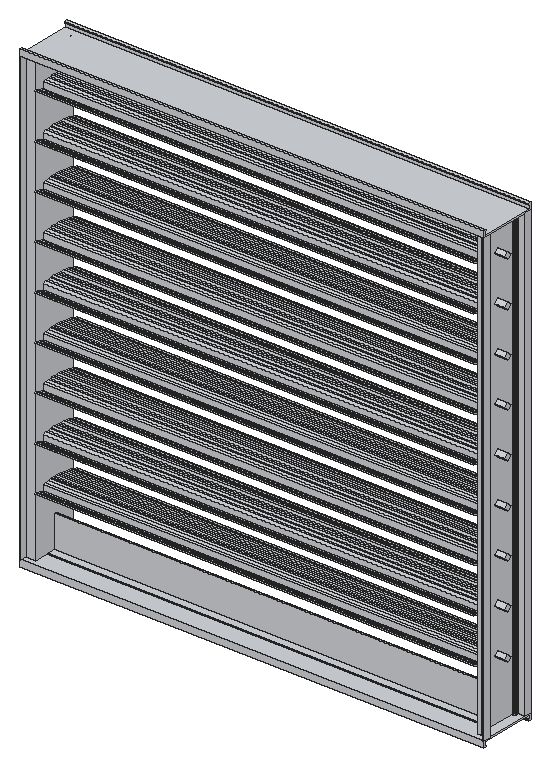
Revit family "CD-145,146", category Mechanical Equipment, Revit 2015
Parameters
  URL = "http://unitedenertech.com/catalog/pdf/A_8a%20CD-145,%20146.pdf"
  Type Comments = "Max. Single Section Size is (48\"w x 72\"h)"
  Model = "CD-145, CD-146"
  Manufacturer = "United Enertech Corporation"
  Keynote = "This model is only a representation of the product, blade position will vary from built dampers."
  Exact Width = 3' - 0"
  Exact Height = 3' - 0"
  Description = "Airfoil Opposed Blade / Parallel Blade Control Damper"
  Blade Spacing = 0' - 3 1/2"
  Blade Number [instance] = rounddown((Exact Height - 0' 2 3/4") / Blade Spacing)  # 9
  BW [instance] = Exact Width - 0' 1 15/16"  # 2' - 10 1/16"
Reference planes (in)
  plane 1 "Center (Front/Back)": y = 0
  plane 2: z = 0
  plane 3 "Center (Left/Right)": x = 0
  plane 4: x = -18
  plane 5: x = 18
  plane 6: z = 36
  plane 7: z = 0.5
  plane 8: z = 35.5
  plane 9: x = -17.125
  plane 10: x = 17.125
  plane 11: z = 33.37523
Forms (in)
  Extrusion 1, solid
    sketch origin (-10.94563, 56.53311, 0) x (0, 1, 0) y (-1, 0, 0)
      loop
        line (-56.53311, 6.97437) -> (-56.07011, 6.97437) -> (-56.07011, 6.17937) -> (-52.49611, 6.17937) -> (-52.49611, 6.97437) -> (-52.03311, 6.97437) -> (-52.03311, 7.05437) -> (-52.57611, 7.05437) -> (-52.57611, 6.46516) -> (-52.61757, 6.51649) -> (-52.6794, 6.56048) -> (-52.75426, 6.58054) -> (-52.77072, 6.48933)
        arc (-52.77072, 6.48933) -> (-52.68095, 6.36712) -> (-52.81664, 6.43482) r 0.078
        line (-52.81664, 6.43482) -> (-52.90129, 6.4267) -> (-52.87778, 6.33896) -> (-52.8428, 6.29687) -> (-52.79089, 6.25937) -> (-55.76027, 6.25937) -> (-55.71053, 6.30912) -> (-55.67609, 6.36632) -> (-55.67078, 6.44579) -> (-55.75297, 6.44579)
        arc (-55.75297, 6.44579) -> (-55.87883, 6.36035) -> (-55.80226, 6.4918) r 0.078
        line (-55.80226, 6.4918) -> (-55.81534, 6.5768) -> (-55.90864, 6.5518) -> (-55.94901, 6.51604) -> (-55.99011, 6.45116) -> (-55.99011, 7.05437) -> (-56.53311, 7.05437) -> (-56.53311, 6.97437)
    from 0.5 to 35.5
  Extrusion 2, solid
    sketch origin (10.94563, 56.53311, 0) x (0, 1, 0) y (-1, 0, 0)
      loop
        line (-56.53311, -6.97437) -> (-56.53311, -7.05437) -> (-55.99011, -7.05437) -> (-55.99011, -6.45116) -> (-55.94901, -6.51604) -> (-55.90864, -6.5518) -> (-55.81534, -6.5768) -> (-55.80226, -6.4918)
        arc (-55.80226, -6.4918) -> (-55.87883, -6.36035) -> (-55.75297, -6.44579) r 0.078
        line (-55.75297, -6.44579) -> (-55.67078, -6.44579) -> (-55.67609, -6.36632) -> (-55.71053, -6.30912) -> (-55.76027, -6.25937) -> (-52.79089, -6.25937) -> (-52.8428, -6.29687) -> (-52.87778, -6.33896) -> (-52.90129, -6.4267) -> (-52.81664, -6.43482)
        arc (-52.81664, -6.43482) -> (-52.68095, -6.36712) -> (-52.77072, -6.48933) r 0.078
        line (-52.77072, -6.48933) -> (-52.75426, -6.58054) -> (-52.6794, -6.56048) -> (-52.61757, -6.51649) -> (-52.57611, -6.46516) -> (-52.57611, -7.05437) -> (-52.03311, -7.05437) -> (-52.03311, -6.97437) -> (-52.49611, -6.97437) -> (-52.49611, -6.17937) -> (-56.07011, -6.17937) -> (-56.07011, -6.97437) -> (-56.53311, -6.97437)
    from 0.5 to 35.5
  Extrusion 3, solid
    sketch origin (-23.46325, -52.03311, -12.20737) x (0, -1, 0) y (0, 0, 1)
      loop
        line (-56.34511, 12.28737) -> (-56.45311, 12.28737) -> (-56.45311, 12.62737) -> (-52.11311, 12.62737) -> (-52.11311, 12.28737) -> (-52.22111, 12.28737) -> (-52.22111, 12.20737) -> (-52.03311, 12.20737) -> (-52.03311, 12.70737) -> (-56.53311, 12.70737) -> (-56.53311, 12.20737) -> (-56.34511, 12.20737) -> (-56.34511, 12.28737)
    from -41.46325 to -5.46325
  Extrusion 4, solid
    sketch origin (-35.31788, -52.03311, 54.20737) x (0, -1, 0) y (0, 0, -1)
      loop
        line (-56.34511, 18.28737) -> (-56.45311, 18.28737) -> (-56.45311, 18.62737) -> (-52.11311, 18.62737) -> (-52.11311, 18.28737) -> (-52.22111, 18.28737) -> (-52.22111, 18.20737) -> (-52.03311, 18.20737) -> (-52.03311, 18.70737) -> (-56.53311, 18.70737) -> (-56.53311, 18.20737) -> (-56.34511, 18.20737) -> (-56.34511, 18.28737)
    from 17.31788 to 53.31788
  Extrusion 5, solid
    sketch origin (-54.80861, -46.85261, 19.59636) x (0, -1, 0) y (0, 0, -1)
      loop
        line (-49.18361, -15.40464) -> (-49.18361, -15.90364) -> (-48.43361, -15.90364) -> (-48.43361, -15.82364) -> (-49.10261, -15.82364) -> (-49.10261, -15.40464) -> (-49.18361, -15.40464)
    from 37.68361 to 71.93361
  Extrusion 6, solid
    sketch origin (0, 7.45998, -4.02912) x (0, 1, 0) y (0, 0, 1)
      loop
        line (-5.20245, 4.52912) -> (-5.20245, 7.11593) -> (-5.28058, 7.11593) -> (-5.28058, 4.60725) -> (-5.95245, 4.60725) -> (-5.95245, 4.52912) -> (-5.20245, 4.52912)
    from -17.125 to 17.125
Dimensions and locks (in)
  equal spacing: plane 4, plane 3 "Center (Left/Right)", plane 5
  "Exact Width": plane 4 to plane 5
  "Exact Height": plane 6 to level
  locked: plane 7 to level at 0.5
  locked: plane 6 to plane 8 at 0.5
  locked: plane 4 to plane 9 at 0.875
  locked: plane 10 to plane 5 at 0.875
  locked: plane 6 to plane 11 at 2.62477
  equal spacing: group 1, group 2, group 3, group 4, group 5, group 6, group 7, group 8, group 9  (x2)
  equal spacing: group 9, group 8, group 7, group 6, group 5, group 4, group 3, group 2, group 1
  "Blade Spacing": nested 1 to nested 2
  aligned and locked: level to plane 2
  aligned and locked: Extrusion 1 to plane 7
  aligned and locked: Extrusion 2 to plane 7
  aligned and locked: plane 5 to Extrusion 3
  aligned and locked: plane 4 to Extrusion 3
  aligned and locked: plane 6 to Extrusion 4
  aligned and locked: plane 5 to Extrusion 4
  aligned and locked: plane 4 to Extrusion 4
  aligned and locked: plane 8 to Extrusion 1
  aligned and locked: plane 8 to Extrusion 2
  aligned and locked: Extrusion 5 to Extrusion 4
  aligned and locked: plane 10 to Extrusion 5
  aligned and locked: Extrusion 5 to plane 9
  aligned and locked: nested 1 to plane 11
  aligned and locked: Extrusion 6 to plane 9
  aligned and locked: plane 10 to Extrusion 6
Automatic sketch dimensions
  plane 1 "Center (Front/Back)" to Extrusion 1 sketch curve = 0' - 0"
  Extrusion 1 sketch curve to plane 9 = 0' - 0"
  Extrusion 1 sketch curve to plane 4 = 0' - 0"  (x2)
  Extrusion 1 sketch curve to plane 4 = 0' - 0.08"  (x2)
  Extrusion 1 sketch curve to plane 1 "Center (Front/Back)" = 0' - 0.463"
  Extrusion 1 sketch curve to Extrusion 1 sketch curve = 0' - 0.08"  (x2)
  Extrusion 1 sketch curve to Extrusion 1 sketch curve = 0' - 0.0411"
  Extrusion 1 sketch curve to Extrusion 1 sketch curve = 0' - 0.04037"
  Extrusion 1 sketch curve to Extrusion 1 sketch curve = 0' - 0.08303"
  Extrusion 1 sketch curve to Extrusion 1 sketch curve = 0' - 0.0933"
  Extrusion 1 sketch curve to plane 9 = 0' - 0.31242"
  Extrusion 1 sketch curve to Extrusion 1 sketch curve = 0' - 0.02335"
  Extrusion 1 sketch curve to plane 9 = 0' - 0.08"
  Extrusion 1 sketch curve to Extrusion 1 sketch curve = 0' - 0.06534"
  Extrusion 1 sketch curve to Extrusion 1 sketch curve = 0' - 0.04929"
  Extrusion 1 sketch curve to plane 9 = 0' - 0.12974"
  Extrusion 1 sketch curve to Extrusion 1 sketch curve = 0' - 0.04974"
  Extrusion 1 sketch curve to plane 9 = 0' - 0.18694"
  Extrusion 1 sketch curve to Extrusion 1 sketch curve = 0' - 0.03444"
  Extrusion 1 sketch curve to Extrusion 1 sketch curve = 0' - 0.00531"
  Extrusion 1 sketch curve to plane 9 = 0' - 0.24733"
  Extrusion 1 sketch curve to Extrusion 1 sketch curve = 0' - 2.76949"
  Extrusion 1 sketch curve to plane 9 = 0' - 0.15959"
  Extrusion 1 sketch curve to Extrusion 1 sketch curve = 0' - 0.02351"
  Extrusion 1 sketch curve to plane 9 = 0' - 0.11749"
  Extrusion 1 sketch curve to Extrusion 1 sketch curve = 0' - 0.03498"
  Extrusion 1 sketch curve to plane 9 = 0' - 0.25544"
  Extrusion 1 sketch curve to Extrusion 1 sketch curve = 0' - 0.08465"
  Extrusion 1 sketch curve to Extrusion 1 sketch curve = 0' - 0.05191"
  Extrusion 1 sketch curve to plane 9 = 0' - 0.30996"
  Extrusion 1 sketch curve to Extrusion 1 sketch curve = 0' - 0.04592"
  Extrusion 1 sketch curve to plane 9 = 0' - 0.40116"
  Extrusion 1 sketch curve to Extrusion 1 sketch curve = 0' - 0.01646"
  Extrusion 1 sketch curve to Extrusion 1 sketch curve = 0' - 0.03011"
  Extrusion 1 sketch curve to plane 9 = 0' - 0.3811"
  Extrusion 1 sketch curve to Extrusion 1 sketch curve = 0' - 0.07486"
  Extrusion 1 sketch curve to plane 9 = 0' - 0.33712"
  Extrusion 1 sketch curve to Extrusion 1 sketch curve = 0' - 0.06183"
  Extrusion 1 sketch curve to Extrusion 1 sketch curve = 0' - 0.04146"
  Extrusion 1 sketch curve to Extrusion 1 sketch curve = 0' - 0.463"
  Extrusion 1 sketch curve to Extrusion 1 sketch curve = 0' - 0.07442"
  Extrusion 1 sketch curve to Extrusion 1 sketch curve = 0' - 0.03378"
  Extrusion 1 sketch curve to Extrusion 1 sketch curve = 0' - 0.05133"
  Extrusion 1 sketch curve to Extrusion 1 sketch curve = 0' - 0.06488"
  Extrusion 1 sketch curve to Extrusion 1 sketch curve = 0' - 0.03576"
  Extrusion 1 sketch curve to Extrusion 1 sketch curve = 0' - 0.085"
  plane 1 "Center (Front/Back)" to Extrusion 2 sketch curve = 0' - 0"
  Extrusion 2 sketch curve to plane 10 = 0' - 0"
  Extrusion 2 sketch curve to plane 5 = 0' - 0"  (x2)
  plane 5 to Extrusion 2 sketch curve = 0' - 0.08"  (x2)
  Extrusion 2 sketch curve to Extrusion 2 sketch curve = 0' - 0.463"  (x2)
  Extrusion 2 sketch curve to Extrusion 2 sketch curve = 0' - 0.08"  (x2)
  Extrusion 2 sketch curve to Extrusion 2 sketch curve = 0' - 0.0411"
  Extrusion 2 sketch curve to Extrusion 2 sketch curve = 0' - 0.04037"
  Extrusion 2 sketch curve to Extrusion 2 sketch curve = 0' - 0.08303"
  Extrusion 2 sketch curve to Extrusion 2 sketch curve = 0' - 0.0933"
  Extrusion 2 sketch curve to plane 10 = 0' - 0.31242"
  Extrusion 2 sketch curve to Extrusion 2 sketch curve = 0' - 0.02335"
  Extrusion 2 sketch curve to plane 10 = 0' - 0.08"
  Extrusion 2 sketch curve to Extrusion 2 sketch curve = 0' - 0.06534"
  Extrusion 2 sketch curve to Extrusion 2 sketch curve = 0' - 0.04929"
  Extrusion 2 sketch curve to plane 10 = 0' - 0.12974"
  Extrusion 2 sketch curve to Extrusion 2 sketch curve = 0' - 0.04974"
  Extrusion 2 sketch curve to plane 10 = 0' - 0.18694"
  Extrusion 2 sketch curve to Extrusion 2 sketch curve = 0' - 0.03444"
  Extrusion 2 sketch curve to Extrusion 2 sketch curve = 0' - 0.00531"
  Extrusion 2 sketch curve to plane 10 = 0' - 0.24733"
  Extrusion 2 sketch curve to Extrusion 2 sketch curve = 0' - 2.76949"
  Extrusion 2 sketch curve to plane 10 = 0' - 0.15959"
  Extrusion 2 sketch curve to Extrusion 2 sketch curve = 0' - 0.02351"
  Extrusion 2 sketch curve to plane 10 = 0' - 0.11749"
  Extrusion 2 sketch curve to Extrusion 2 sketch curve = 0' - 0.03498"
  Extrusion 2 sketch curve to plane 10 = 0' - 0.25544"
  Extrusion 2 sketch curve to Extrusion 2 sketch curve = 0' - 0.08465"
  Extrusion 2 sketch curve to Extrusion 2 sketch curve = 0' - 0.05191"
  Extrusion 2 sketch curve to plane 10 = 0' - 0.30996"
  Extrusion 2 sketch curve to Extrusion 2 sketch curve = 0' - 0.04592"
  Extrusion 2 sketch curve to plane 10 = 0' - 0.40116"
  Extrusion 2 sketch curve to Extrusion 2 sketch curve = 0' - 0.01646"
  Extrusion 2 sketch curve to Extrusion 2 sketch curve = 0' - 0.07602"
  Extrusion 2 sketch curve to plane 10 = 0' - 0.3811"
  Extrusion 2 sketch curve to Extrusion 2 sketch curve = 0' - 0.07486"
  Extrusion 2 sketch curve to plane 10 = 0' - 0.33712"
  Extrusion 2 sketch curve to Extrusion 2 sketch curve = 0' - 0.06183"
  Extrusion 2 sketch curve to Extrusion 2 sketch curve = 0' - 0.04146"
  Extrusion 2 sketch curve to Extrusion 2 sketch curve = 0' - 0.07442"
  Extrusion 2 sketch curve to Extrusion 2 sketch curve = 0' - 0.03378"
  Extrusion 2 sketch curve to Extrusion 2 sketch curve = 0' - 0.05133"
  Extrusion 2 sketch curve to Extrusion 2 sketch curve = 0' - 0.06488"
  Extrusion 2 sketch curve to Extrusion 2 sketch curve = 0' - 0.03576"
  Extrusion 2 sketch curve to Extrusion 2 sketch curve = 0' - 0.085"
  Extrusion 3 sketch curve to level = 0' - 0"  (x2)
  Extrusion 3 sketch curve to plane 7 = 0' - 0"
  Extrusion 3 sketch curve to plane 1 "Center (Front/Back)" = 0' - 0"
  Extrusion 3 sketch curve to plane 1 "Center (Front/Back)" = 0' - 0.08"
  Extrusion 3 sketch curve to Extrusion 3 sketch curve = 0' - 0.108"  (x2)
  Extrusion 3 sketch curve to Extrusion 3 sketch curve = 0' - 4.124"
  Extrusion 3 sketch curve to plane 7 = 0' - 0.08"
  Extrusion 3 sketch curve to Extrusion 3 sketch curve = 0' - 0.08"
  level to Extrusion 3 sketch curve = 0' - 0.08"  (x2)
  plane 8 to Extrusion 4 sketch curve = 0' - 0"
  Extrusion 4 sketch curve to plane 6 = 0' - 0"  (x2)
  Extrusion 4 sketch curve to plane 1 "Center (Front/Back)" = 0' - 0"
  Extrusion 4 sketch curve to plane 1 "Center (Front/Back)" = 0' - 0.08"
  Extrusion 4 sketch curve to Extrusion 4 sketch curve = 0' - 0.108"  (x2)
  Extrusion 4 sketch curve to plane 6 = 0' - 0.08"  (x2)
  Extrusion 4 sketch curve to Extrusion 4 sketch curve = 0' - 4.124"
  Extrusion 4 sketch curve to Extrusion 4 sketch curve = 0' - 0.08"
  plane 8 to Extrusion 4 sketch curve = 0' - 0.08"
  plane 7 to Extrusion 5 sketch curve = 2' - 11"
  Extrusion 5 sketch curve to plane 1 "Center (Front/Back)" = 0' - 2.331"
  Extrusion 5 sketch curve to Extrusion 5 sketch curve = 0' - 0.081"
  Extrusion 5 sketch curve to Extrusion 5 sketch curve = 0' - 0.669"
  Extrusion 5 sketch curve to Extrusion 5 sketch curve = 0' - 0.08"
  Extrusion 5 sketch curve to Extrusion 5 sketch curve = 0' - 0.419"
  Extrusion 6 sketch curve to plane 1 "Center (Front/Back)" = 0' - 1.50753"
  Extrusion 6 sketch curve to Extrusion 6 sketch curve = 0' - 0 43/64"
  Extrusion 6 sketch curve to Extrusion 6 sketch curve = 0' - 0 5/64"  (x2)
  Extrusion 6 sketch curve to Extrusion 6 sketch curve = 0' - 2.50868"
  Extrusion 6 sketch curve to plane 7 = 0' - 0"
Nested families (in)
  nested 1: "145Blade" at (0, 2.69657, 32.04269), type "145Blade"
    with Blade Width 2' - 10 1/16"
  nested 2: "145Blade" at (0, 2.69657, 28.54269), type "145Blade"
    with Blade Width 2' - 10 1/16"
  nested 3: "145Blade" at (0, 2.69657, 25.04269), type "145Blade"
    with Blade Width 2' - 10 1/16"
  nested 4: "145Blade" at (0, 2.69657, 21.54269), type "145Blade"
    with Blade Width 2' - 10 1/16"
  nested 5: "145Blade" at (0, 2.69657, 18.04269), type "145Blade"
    with Blade Width 2' - 10 1/16"
  nested 6: "145Blade" at (0, 2.69657, 14.54269), type "145Blade"
    with Blade Width 2' - 10 1/16"
  nested 7: "145Blade" at (0, 2.69657, 11.04269), type "145Blade"
    with Blade Width 2' - 10 1/16"
  nested 8: "145Blade" at (0, 2.69657, 7.54269), type "145Blade"
    with Blade Width 2' - 10 1/16"
  nested 9: "145Blade" at (0, 2.69657, 4.04269), type "145Blade"
    with Blade Width 2' - 10 1/16"
Definition of nested family "145Blade"
  Parameters (values of type "145Blade")
    Blade Width = 2' - 0"
  Reference planes (in)
    plane 1 "Center (Front/Back)": y = 0
    plane 2: z = 0
    plane 3 "Center (Left/Right)": x = 0
    plane 4: x = -12
    plane 5: x = 12
    plane 6: x = -13
    plane 7: x = 13
    plane 8: x = 10
    plane 9: x = -10
  Forms (in)
    Extrusion 1, solid
      sketch origin (-2.89724, 6.30977, -0.94262) x (0, -1, 0) y (0, 0, -1)
        loop
          line (4.75828, -2.20735) -> (4.93008, -2.26972) -> (5.14366, -2.33887) -> (5.33233, -2.39235) -> (5.49511, -2.43293) -> (5.73365, -2.48333) -> (6.02494, -2.53063) -> (6.27301, -2.55883) -> (6.47855, -2.57391) -> (6.7104, -2.58198) -> (6.92738, -2.58099) -> (7.10729, -2.57391) -> (7.28253, -2.56152) -> (7.49038, -2.53976) -> (7.6947, -2.51082) -> (7.95253, -2.46343) -> (7.95253, -2.0035) -> (8.13264, -2.0473) -> (8.29581, -2.09235) -> (8.46284, -2.14399) -> (8.62654, -2.2002) -> (8.73329, -2.23979) -> (8.75903, -2.18216) -> (8.52046, -2.09667) -> (8.30587, -2.02966) -> (8.04632, -1.96077) -> (7.78892, -1.90516) -> (7.46744, -1.85291) -> (7.23536, -1.82678) -> (7.01127, -1.81064) -> (6.78062, -1.80326) -> (6.60339, -1.80394) -> (6.37181, -1.81313) -> (6.13549, -1.83226) -> (5.88148, -1.86393) -> (5.55997, -1.9208) -> (5.55997, -2.38186) -> (5.43128, -2.3513) -> (5.23445, -2.2983) -> (4.97933, -2.21803) -> (4.78212, -2.14669) -> (4.75828, -2.20735)
        loop
          line (5.62299, -1.97235) -> (5.62299, -2.39689) -> (5.69753, -2.41217) -> (5.82423, -2.43576) -> (5.98092, -2.46081) -> (6.15377, -2.48324) -> (6.34289, -2.50159) -> (6.52483, -2.5132) -> (6.70491, -2.51889) -> (6.37855, -2.19274) -> (6.70483, -1.86646) -> (6.53259, -1.86878) -> (6.34913, -1.87767) -> (6.1838, -1.89082) -> (5.96804, -1.91538) -> (5.76298, -1.94659) -> (5.62299, -1.97235)
        loop
          line (7.64081, -1.9426) -> (7.37677, -1.90499) -> (7.14021, -1.88202) -> (6.80729, -1.86614) -> (7.04847, -2.10733) -> (6.93436, -2.10733) -> (6.75634, -1.9293) -> (6.49283, -2.19281) -> (6.75634, -2.45615) -> (6.93732, -2.27516) -> (7.0515, -2.27516) -> (6.80349, -2.52318) -> (6.94642, -2.51749) -> (7.08797, -2.51185) -> (7.26827, -2.49951) -> (7.4125, -2.48544) -> (7.56318, -2.46673) -> (7.74942, -2.43787) -> (7.88952, -2.41193) -> (7.88952, -1.98982) -> (7.64081, -1.9426)
      from -9.10276 to 14.89724
    Extrusion 2, solid
      sketch origin (-2.89724, 6.30977, 0.10712) x (0, -1, 0) y (0, 0, -1)
        loop
          line (6.75634, -1.4064) -> (7.01976, -1.14298) -> (6.75634, -0.87956) -> (6.49283, -1.14307) -> (6.75634, -1.4064)
      from 12.89724 to 15.89724
    Extrusion 3, solid
      sketch origin (-11.89724, 6.30977, 0.10712) x (0, -1, 0) y (0, 0, -1)
        loop
          line (6.75634, -1.4064) -> (7.01976, -1.14298) -> (6.75634, -0.87956) -> (6.49283, -1.14307) -> (6.75634, -1.4064)
      from -1.10276 to 1.89724
  Dimensions and locks (in)
    equal spacing: plane 4, plane 3 "Center (Left/Right)", plane 5
    "Blade Width": plane 4 to plane 5
    locked: plane 6 to plane 4 at 1
    locked: plane 4 to plane 9 at 2
    locked: plane 8 to plane 5 at 2
    locked: plane 5 to plane 7 at 1
    aligned and locked: level to plane 2
    aligned and locked: plane 4 to Extrusion 1
    aligned and locked: plane 5 to Extrusion 1
    aligned and locked: Extrusion 2 to plane 7
    aligned and locked: plane 8 to Extrusion 2
    aligned and locked: plane 6 to Extrusion 3
    aligned and locked: Extrusion 3 to plane 9
  Automatic sketch dimensions
    Extrusion 1 sketch curve to plane 1 "Center (Front/Back)" = 0' - 1.5515"
    Extrusion 1 sketch curve to Extrusion 1 sketch curve = 0' - 0.02385"
    Extrusion 1 sketch curve to Extrusion 1 sketch curve = 0' - 0.1718"
    Extrusion 1 sketch curve to Extrusion 1 sketch curve = 0' - 0.04925"
    Extrusion 1 sketch curve to Extrusion 1 sketch curve = 0' - 0.16434"
    Extrusion 1 sketch curve to Extrusion 1 sketch curve = 0' - 0.09078"
    Extrusion 1 sketch curve to Extrusion 1 sketch curve = 0' - 0.09788"
    Extrusion 1 sketch curve to Extrusion 1 sketch curve = 0' - 0.09896"
    Extrusion 1 sketch curve to Extrusion 1 sketch curve = 0' - 0.06382"
    Extrusion 1 sketch curve to Extrusion 1 sketch curve = 0' - 0.06487"
    Extrusion 1 sketch curve to Extrusion 1 sketch curve = 0' - 0.06302"
    Extrusion 1 sketch curve to Extrusion 1 sketch curve = 0' - 0.07454"
    Extrusion 1 sketch curve to Extrusion 1 sketch curve = 0' - 0.03612"
    Extrusion 1 sketch curve to Extrusion 1 sketch curve = 0' - 0.13999"
    Extrusion 1 sketch curve to Extrusion 1 sketch curve = 0' - 0.09058"
    Extrusion 1 sketch curve to Extrusion 1 sketch curve = 0' - 0.11849"
    Extrusion 1 sketch curve to Extrusion 1 sketch curve = 0' - 0.08657"
    Extrusion 1 sketch curve to Extrusion 1 sketch curve = 0' - 0.15669"
    Extrusion 1 sketch curve to Extrusion 1 sketch curve = 0' - 0.04403"
    Extrusion 1 sketch curve to plane 1 "Center (Front/Back)" = 0' - 0.17428"
    Extrusion 1 sketch curve to Extrusion 1 sketch curve = 0' - 0.12883"
    Extrusion 1 sketch curve to Extrusion 1 sketch curve = 0' - 0.04831"
    Extrusion 1 sketch curve to plane 1 "Center (Front/Back)" = 0' - 0.03676"
    plane 1 "Center (Front/Back)" to Extrusion 1 sketch curve = 0' - 0.03312"
    plane 1 "Center (Front/Back)" to Extrusion 1 sketch curve = 0' - 0.03936"
    plane 1 "Center (Front/Back)" to Extrusion 1 sketch curve = 0' - 0.06204"
    plane 1 "Center (Front/Back)" to Extrusion 1 sketch curve = 0' - 0.06878"
    Extrusion 1 sketch curve to Extrusion 1 sketch curve = 0' - 0.13566"
    Extrusion 1 sketch curve to Extrusion 1 sketch curve = 0' - 0.11428"
    Extrusion 1 sketch curve to Extrusion 1 sketch curve = 0' - 0.04627"
    Extrusion 1 sketch curve to Extrusion 1 sketch curve = 0' - 0.16077"
    Extrusion 1 sketch curve to Extrusion 1 sketch curve = 0' - 0.0708"
    Extrusion 1 sketch curve to Extrusion 1 sketch curve = 0' - 0.10144"
    Extrusion 1 sketch curve to Extrusion 1 sketch curve = 0' - 0.18009"
    Extrusion 1 sketch curve to Extrusion 1 sketch curve = 0' - 0.00548"
    Extrusion 1 sketch curve to Extrusion 1 sketch curve = 0' - 0.05142"
    Extrusion 1 sketch curve to Extrusion 1 sketch curve = 0' - 0.05151"
    Extrusion 1 sketch curve to Extrusion 1 sketch curve = 0' - 0.07579"
    Extrusion 1 sketch curve to Extrusion 1 sketch curve = 0' - 0.04715"
    Extrusion 1 sketch curve to Extrusion 1 sketch curve = 0' - 0.02667"
    Extrusion 1 sketch curve to Extrusion 1 sketch curve = 0' - 0.12389"
    Extrusion 1 sketch curve to Extrusion 1 sketch curve = 0' - 0.17802"
    Extrusion 1 sketch curve to Extrusion 1 sketch curve = 0' - 0.00296"
    Extrusion 1 sketch curve to Extrusion 1 sketch curve = 0' - 0.01904"
    Extrusion 1 sketch curve to Extrusion 1 sketch curve = 0' - 0.20399"
    Extrusion 1 sketch curve to Extrusion 1 sketch curve = 0' - 0.11411"
    Extrusion 1 sketch curve to Extrusion 1 sketch curve = 0' - 0.11418"
    Extrusion 1 sketch curve to Extrusion 1 sketch curve = 0' - 0.14155"
    Extrusion 1 sketch curve to Extrusion 1 sketch curve = 0' - 0.01933"
    Extrusion 1 sketch curve to Extrusion 1 sketch curve = 0' - 0.12893"
    Extrusion 1 sketch curve to Extrusion 1 sketch curve = 0' - 0.09516"
    Extrusion 1 sketch curve to Extrusion 1 sketch curve = 0' - 0.16098"
    Extrusion 1 sketch curve to Extrusion 1 sketch curve = 0' - 0.01427"
    Extrusion 1 sketch curve to Extrusion 1 sketch curve = 0' - 0.14141"
    Extrusion 1 sketch curve to Extrusion 1 sketch curve = 0' - 0.14424"
    Extrusion 1 sketch curve to Extrusion 1 sketch curve = 0' - 0.09067"
    Extrusion 1 sketch curve to Extrusion 1 sketch curve = 0' - 0.07788"
    Extrusion 1 sketch curve to Extrusion 1 sketch curve = 0' - 0.0728"
    Extrusion 1 sketch curve to Extrusion 1 sketch curve = 0' - 0.17337"
    Extrusion 1 sketch curve to Extrusion 1 sketch curve = 0' - 0.13151"
    Extrusion 1 sketch curve to Extrusion 1 sketch curve = 0' - 0.05472"
    Extrusion 1 sketch curve to Extrusion 1 sketch curve = 0' - 0.14811"
    Extrusion 1 sketch curve to Extrusion 1 sketch curve = 0' - 0.14011"
    Extrusion 1 sketch curve to Extrusion 1 sketch curve = 0' - 0.06301"
    Extrusion 1 sketch curve to Extrusion 1 sketch curve = 0' - 0.09379"
    Extrusion 1 sketch curve to Extrusion 1 sketch curve = 0' - 0.08632"
    Extrusion 1 sketch curve to Extrusion 1 sketch curve = 0' - 0.16318"
    Extrusion 1 sketch curve to Extrusion 1 sketch curve = 0' - 0.01006"
    Extrusion 1 sketch curve to Extrusion 1 sketch curve = 0' - 0.16703"
    Extrusion 1 sketch curve to Extrusion 1 sketch curve = 0' - 0.05762"
    Extrusion 1 sketch curve to Extrusion 1 sketch curve = 0' - 0.10608"
    Extrusion 1 sketch curve to Extrusion 1 sketch curve = 0' - 0.10676"
    Extrusion 1 sketch curve to Extrusion 1 sketch curve = 0' - 0.02574"
    level to Extrusion 1 sketch curve = 0' - 1.63936"
    Extrusion 1 sketch curve to Extrusion 1 sketch curve = 0' - 0.00099"
    Extrusion 1 sketch curve to Extrusion 1 sketch curve = 0' - 0.00807"
    Extrusion 1 sketch curve to Extrusion 1 sketch curve = 0' - 0.00709"
    Extrusion 1 sketch curve to Extrusion 1 sketch curve = 0' - 0.01239"
    Extrusion 1 sketch curve to Extrusion 1 sketch curve = 0' - 0.01508"
    Extrusion 1 sketch curve to Extrusion 1 sketch curve = 0' - 0.02176"
    Extrusion 1 sketch curve to Extrusion 1 sketch curve = 0' - 0.0282"
    Extrusion 1 sketch curve to Extrusion 1 sketch curve = 0' - 0.0588"
    Extrusion 1 sketch curve to Extrusion 1 sketch curve = 0' - 0.06309"
    Extrusion 1 sketch curve to Extrusion 1 sketch curve = 0' - 0.0635"
    Extrusion 1 sketch curve to Extrusion 1 sketch curve = 0' - 0.0607"
    Extrusion 1 sketch curve to Extrusion 1 sketch curve = 0' - 0.06205"
    Extrusion 1 sketch curve to Extrusion 1 sketch curve = 0' - 0.02894"
    Extrusion 1 sketch curve to Extrusion 1 sketch curve = 0' - 0.05723"
    Extrusion 1 sketch curve to Extrusion 1 sketch curve = 0' - 0.06201"
    Extrusion 1 sketch curve to Extrusion 1 sketch curve = 0' - 0.05432"
    Extrusion 1 sketch curve to Extrusion 1 sketch curve = 0' - 0.0473"
    Extrusion 1 sketch curve to Extrusion 1 sketch curve = 0' - 0.04739"
    Extrusion 1 sketch curve to Extrusion 1 sketch curve = 0' - 0.07304"
    Extrusion 1 sketch curve to Extrusion 1 sketch curve = 0' - 0.0474"
    Extrusion 1 sketch curve to Extrusion 1 sketch curve = 0' - 0.06981"
    Extrusion 1 sketch curve to Extrusion 1 sketch curve = 0' - 0.06274"
    Extrusion 1 sketch curve to Extrusion 1 sketch curve = 0' - 0.07295"
    Extrusion 1 sketch curve to Extrusion 1 sketch curve = 0' - 0.04757"
    Extrusion 1 sketch curve to Extrusion 1 sketch curve = 0' - 0.0504"
    Extrusion 1 sketch curve to Extrusion 1 sketch curve = 0' - 0.07116"
    Extrusion 1 sketch curve to Extrusion 1 sketch curve = 0' - 0.0515"
    Extrusion 1 sketch curve to Extrusion 1 sketch curve = 0' - 0.01528"
    Extrusion 1 sketch curve to Extrusion 1 sketch curve = 0' - 0.04058"
    Extrusion 1 sketch curve to Extrusion 1 sketch curve = 0' - 0.01502"
    Extrusion 1 sketch curve to Extrusion 1 sketch curve = 0' - 0.08163"
    Extrusion 1 sketch curve to Extrusion 1 sketch curve = 0' - 0.05348"
    Extrusion 1 sketch curve to Extrusion 1 sketch curve = 0' - 0.04057"
    Extrusion 1 sketch curve to Extrusion 1 sketch curve = 0' - 0.23669"
    Extrusion 1 sketch curve to Extrusion 1 sketch curve = 0' - 0.06915"
    Extrusion 1 sketch curve to Extrusion 1 sketch curve = 0' - 0.22364"
    Extrusion 1 sketch curve to Extrusion 1 sketch curve = 0' - 0.05169"
    Extrusion 1 sketch curve to Extrusion 1 sketch curve = 0' - 0.06237"
    Extrusion 1 sketch curve to Extrusion 1 sketch curve = 0' - 0.03959"
    Extrusion 1 sketch curve to Extrusion 1 sketch curve = 0' - 0.32039"
    Extrusion 1 sketch curve to Extrusion 1 sketch curve = 0' - 0.00007"
    Extrusion 1 sketch curve to Extrusion 1 sketch curve = 0' - 0.05763"
    Extrusion 1 sketch curve to Extrusion 1 sketch curve = 0' - 0.06066"
    Extrusion 1 sketch curve to Extrusion 1 sketch curve = 0' - 0.0562"
    Extrusion 1 sketch curve to Extrusion 1 sketch curve = 0' - 0.16784"
    Extrusion 1 sketch curve to Extrusion 1 sketch curve = 0' - 0.04732"
    Extrusion 1 sketch curve to Extrusion 1 sketch curve = 0' - 0.05164"
    Extrusion 1 sketch curve to Extrusion 1 sketch curve = 0' - 0.04505"
    Extrusion 1 sketch curve to Extrusion 1 sketch curve = 0' - 0.06269"
    Extrusion 1 sketch curve to Extrusion 1 sketch curve = 0' - 0.04381"
    Extrusion 1 sketch curve to Extrusion 1 sketch curve = 0' - 0.01368"
    Extrusion 1 sketch curve to Extrusion 1 sketch curve = 0' - 0.40951"
    Extrusion 1 sketch curve to Extrusion 1 sketch curve = 0' - 0.04272"
    Extrusion 1 sketch curve to Extrusion 1 sketch curve = 0' - 0.02577"
    Extrusion 1 sketch curve to Extrusion 1 sketch curve = 0' - 0.04721"
    Extrusion 1 sketch curve to Extrusion 1 sketch curve = 0' - 0.05155"
    Extrusion 1 sketch curve to Extrusion 1 sketch curve = 0' - 0.0312"
    Extrusion 1 sketch curve to Extrusion 1 sketch curve = 0' - 0.08466"
    Extrusion 1 sketch curve to Extrusion 1 sketch curve = 0' - 0.03761"
    Extrusion 1 sketch curve to Extrusion 1 sketch curve = 0' - 0.02456"
    Extrusion 1 sketch curve to Extrusion 1 sketch curve = 0' - 0.02297"
    Extrusion 1 sketch curve to Extrusion 1 sketch curve = 0' - 0.01315"
    Extrusion 1 sketch curve to Extrusion 1 sketch curve = 0' - 0.00889"
    Extrusion 1 sketch curve to Extrusion 1 sketch curve = 0' - 0.06284"
    Extrusion 1 sketch curve to Extrusion 1 sketch curve = 0' - 0.06316"
    Extrusion 1 sketch curve to Extrusion 1 sketch curve = 0' - 0.05146"
    Extrusion 1 sketch curve to Extrusion 1 sketch curve = 0' - 0.05208"
    Extrusion 1 sketch curve to Extrusion 1 sketch curve = 0' - 0.05856"
    Extrusion 1 sketch curve to Extrusion 1 sketch curve = 0' - 0.05524"
    Extrusion 1 sketch curve to Extrusion 1 sketch curve = 0' - 0.06454"
    Extrusion 1 sketch curve to Extrusion 1 sketch curve = 0' - 0.07138"
    Extrusion 1 sketch curve to Extrusion 1 sketch curve = 0' - 0.06484"
    Extrusion 1 sketch curve to Extrusion 1 sketch curve = 0' - 0.06288"
    plane 1 "Center (Front/Back)" to Extrusion 2 sketch curve = 0' - 0.18306"
    Extrusion 2 sketch curve to Extrusion 2 sketch curve = 0' - 0.26351"  (x2)
    Extrusion 2 sketch curve to Extrusion 2 sketch curve = 0' - 0.26342"
    level to Extrusion 2 sketch curve = 0' - 1.51352"
    Extrusion 2 sketch curve to Extrusion 2 sketch curve = 0' - 0.26334"
    plane 1 "Center (Front/Back)" to Extrusion 3 sketch curve = 0' - 0.18306"
    Extrusion 3 sketch curve to Extrusion 3 sketch curve = 0' - 0.26351"  (x2)
    Extrusion 3 sketch curve to Extrusion 3 sketch curve = 0' - 0.26342"
    level to Extrusion 3 sketch curve = 0' - 1.51352"
    Extrusion 3 sketch curve to Extrusion 3 sketch curve = 0' - 0.26334"
